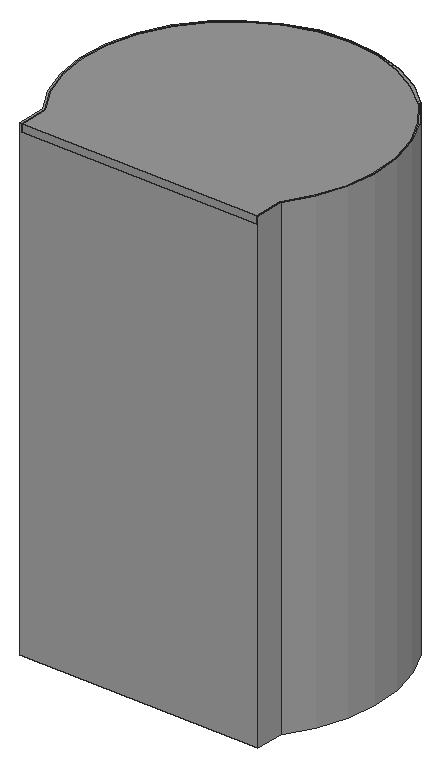
Revit family "3002 Bj+Ârk Handdryer", category Furniture Systems, host Wall, Revit 2018
Family settings
  Host = Wall
  Round Connector Dimension = Use Diameter
  Part Type = Normal
  Always vertical = Yes
  Cut with Voids When Loaded = No
  Shared = No
  Room Calculation Point = No
Parameters (values of type "OSLO")
  URL = "http://www.dandryer.dk/da-dk/produkter/produktserie-%E2%80%93-bjork/3002-bjork-haandtoerrer--valgfri-ral-farve"
  Type Image = <None>
  Surface Top = OSLO
  Surface Front = RAL FARVE
  Model = "Björk-3002"
  Manufacturer = "Dan Dryer"
  Description = "Touch-free hand dryer"
  Cost = 0
Types (6, lengths in mm): name | Surface Top
  BIRK | BIRK
  GEO WHITE | GEO WHITE
  GRIGIO LONDRA | GRIGIO LONDRA
  NEGRO INGO | NEGRO INGO
  OSLO | OSLO
  BIANCO MALE | BIANCO MALE
Reference planes
  plane 1 "Wall": y = 0
  plane 2 "Center (Left/Right)": x = 125
  plane 3 "Back": y = 75
Forms (mm)
  Extrusion 1, solid, material "Blank Hvid", not visible
    sketch origin (0, 0, 0) x (1, 0, 0) y (0, 1, 0)
      loop
        arc (42.212, 95.366) -> (42.426, 94.946) -> (42.5, 94.481) r 1.5
        line (42.5, 94.481) -> (42.5, 75.3) -> (43.7, 75.3) -> (43.7, 94.481)
        arc (43.7, 94.481) -> (43.567, 95.318) -> (43.181, 96.073) r 2.7
        arc (43.181, 96.073) -> (125, 257.1) -> (206.819, 96.073) r 101.3
        arc (206.819, 96.073) -> (206.433, 95.318) -> (206.3, 94.481) r 2.7
        line (206.3, 94.481) -> (206.3, 75.3) -> (207.5, 75.3) -> (207.5, 94.481)
        arc (207.5, 94.481) -> (207.574, 94.946) -> (207.788, 95.366) r 1.5
        arc (207.788, 95.366) -> (125, 258.3) -> (42.212, 95.366) r 102.5
    from 900 to 1230
  Extrusion 2, void, not visible
    sketch origin (207.5, 94.481, 0) x (0, 1, 0) y (0, 0, -1)
      loop
        line (-19.181, -1225) -> (-19.181, -1230) -> (6.154, -1230)
        arc (6.154, -1230) -> (3.068, -1228.36) -> (2.105, -1225) r 4.47
        line (2.105, -1225) -> (-19.181, -1225)
    from -10.952 to 170.161
  Extrusion 3, void, not visible
    sketch origin (207.5, 94.481, 2130) x (0, 1, 0) y (0, 0, -1)
      loop
        line (-19.181, 1225) -> (2.105, 1225)
        arc (2.105, 1225) -> (3.068, 1228.36) -> (6.154, 1230) r 4.47
        line (6.154, 1230) -> (-19.181, 1230) -> (-19.181, 1225)
    from -6 to 179.451
  Extrusion 4, solid, not visible
    sketch origin (207.5, 75.3, 907) x (0, 1, 0) y (-1, 0, 0)
      loop
        line (0, 163.8) -> (0, 1.2) -> (19.181, 1.2)
        arc (19.181, 1.2) -> (20.018, 1.067) -> (20.773, 0.681) r 2.7
        arc (20.773, 0.681) -> (181.8, 82.5) -> (20.773, 164.319) r 101.3
        arc (20.773, 164.319) -> (20.018, 163.933) -> (19.181, 163.8) r 2.7
        line (19.181, 163.8) -> (0, 163.8)
    from 0 to -2
  Extrusion 5, void, not visible
    sketch origin (206.3, 75.3, 0) x (-1, 0, 0) y (0, 0, 1)
      loop
        arc (83.312, 976) -> (81.303, 978.014) -> (79.288, 976) r 2.012
        line (79.288, 976) -> (79.285, 930)
        arc (79.285, 930) -> (81.297, 927.986) -> (83.312, 930) r 2.012
        line (83.312, 930) -> (83.312, 976)
    from 174.915 to 189.234
  Extrusion 6, solid, not visible
    sketch origin (206.3, 75.3, 0) x (1, 0, 0) y (0, 0, 1)
      loop
        line (-83.312, 975.984) -> (-83.312, 930)
        arc (-83.312, 930) -> (-81.291, 928.118) -> (-79.287, 930.016) r 2.015
        line (-79.287, 930.016) -> (-79.288, 976)
        arc (-79.288, 976) -> (-81.309, 977.882) -> (-83.312, 975.984) r 2.015
    from -182.98 to -174.915
  Extrusion 7, solid, material "RAL FARVE", not visible
    sketch origin (0, 0, 0) x (1, 0, 0) y (0, 1, 0)
      loop
        arc (42.212, 95.366) -> (42.426, 94.946) -> (42.5, 94.481) r 1.5
        line (42.5, 94.481) -> (42.5, 75.3) -> (43.7, 75.3) -> (43.7, 94.481)
        arc (43.7, 94.481) -> (43.567, 95.318) -> (43.181, 96.073) r 2.7
        arc (43.181, 96.073) -> (125, 257.1) -> (206.819, 96.073) r 101.3
        arc (206.819, 96.073) -> (206.433, 95.318) -> (206.3, 94.481) r 2.7
        line (206.3, 94.481) -> (206.3, 75.3) -> (207.5, 75.3) -> (207.5, 94.481)
        arc (207.5, 94.481) -> (207.574, 94.946) -> (207.788, 95.366) r 1.5
        arc (207.788, 95.366) -> (125, 258.3) -> (42.212, 95.366) r 102.5
    from 900 to 1230
Text (mm)
  text "Placement Side" at (-1848.837, 1116.779, 0), in view "Ref. Level"
  text "Placement side" at (0, 1409.804, 2854.306), in view "Left"
  text "Placement side" at (0, 499.811, 2980.732), in view "Right"
Dimensions and locks
  locked: plane 3 "Back" to host wall
  aligned and locked: plane 1 "Wall" to host wall
  aligned and locked: plane 3 "Back" to nested 1  (x2)
Nested families
  nested 1: "Master Handdryer" at (125, 75, 1100), type "Master Handdryer"
Definition of nested family "Master Handdryer"
  Parameters (values of type "Master Handdryer")
    Surface Top = none
    Surface Front = none
  Reference planes
    plane 1 "Center (Front/Back)": y = 0
    plane 2: z = 0
    plane 3 "Center (Left/Right)": x = 0
  Forms (mm)
    Extrusion 1, solid, material <- "Surface Front"
      sketch origin (0, 0, 0) x (1, 0, 0) y (0, 1, 0)
        loop
          arc (82.5, 19.672) -> (0, 183) -> (-82.5, 19.672) r 102.5
          line (-82.5, 19.672) -> (-82.5, 0) -> (82.5, 0) -> (82.5, 19.672)
      from 0 to 330
    Extrusion 2, solid, material <- "Surface Top"
      sketch origin (0, 0, 330) x (1, 0, 0) y (0, 1, 0)
        loop
          arc (81.3, 20.068) -> (0, 181.8) -> (-81.3, 20.068) r 101.3
          line (-81.3, 20.068) -> (-81.3, 0) -> (81.3, 0) -> (81.3, 20.068)
      from 0 to -5
    Extrusion 3, void
      sketch origin (0, 0, 0) x (1, 0, 0) y (0, 1, 0)
        loop
          line (-81.3, 0) -> (81.3, 0) -> (81.3, 20.068)
          arc (81.3, 20.068) -> (0, 181.8) -> (-81.3, 20.068) r 101.3
          line (-81.3, 20.068) -> (-81.3, 0)
      from 325 to 330
  Cuts and joins
    Extrusion 3 cuts Extrusion 1
  Dimensions and locks
    aligned and locked: level to plane 2
